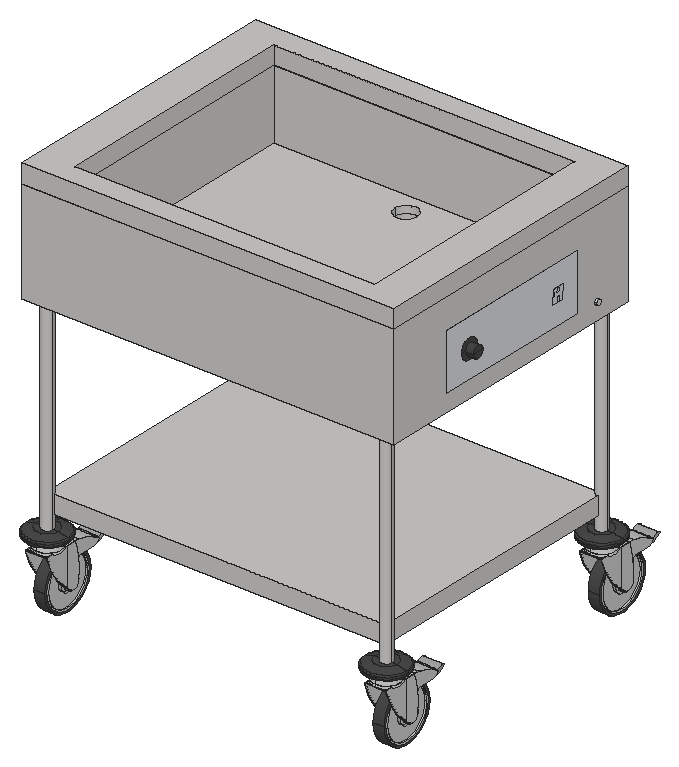
Revit family "QF_BOURGEAT_2GN_bain_marie mobile_sans_etuve_cuve_simple", category Equipement spécialisé, Revit 2015
Parameters (values of type "2GN_bain_marie_cuve_simple")
  URL catalogue = "http://www.bourgeat.fr"
  URL = ""
  Type de Raccord Electrique = ""
  Type article = ""
  Tension = 230 V
  Spécification du Fabricant = "bain-marie mobiles"
  Remarques Plomberie = ""
  Remarques Electricité = ""
  Puissance électrique  = 1300 W
  Profondeur hors tout = 690 mm
  Poids net à vide = 40.00 kg
  Phase = 2
  Nature isolant = "30mm laine de roche"
  Modèle = "872002"
  Longueur hors tout = 900 mm
  Intensité nominale = 6.09 A
  Indice de protection = "33"
  Hauteur hors tout = 900 mm
  Fréquence = 50 Hz
  Fabricant = "BOURGEAT"
  Diamètre de Raccordement Evacuation = 26.7 mm
  Contact SAV = "0033(0)4.76.32.14.44"
  Consommation_energetique = ""
  Charge max = 60.00 kg
Reference planes
  plane 1 "Centre (avant/arrière)": y = 0
  plane 2: z = 0
  plane 3 "Centre (gauche/droite)": x = 0
  plane 4: z = 856
  plane 5: z = 797.5
Forms (mm)
  Extrusion 1, solid
    sketch origin (0, 0, 0) x (0, 1, 0) y (0, 0, 1)
      loop
        circle (235.715, 672.2) r 5
    from 412 to 419.218
Dimensions and locks
  nested 1 to nested 2 = 900 mm
  nested 2 to nested 2 = 76 mm
  aligned and locked: level to plane 2
  aligned and locked: plane 3 "Centre (gauche/droite)" to nested 1
  aligned and locked: plane 1 "Centre (avant/arrière)" to nested 1
  aligned and locked: nested 2 to plane 4
  aligned and locked: nested 2 to nested 1
  aligned and locked: plane 1 "Centre (avant/arrière)" to nested 2
  aligned and locked: nested 3 to nested 1
  aligned and locked: plane 3 "Centre (gauche/droite)" to nested 3
  aligned and locked: plane 1 "Centre (avant/arrière)" to nested 3
  aligned and locked: nested 4 to nested 1
  aligned and locked: nested 4 to plane 5
  aligned and locked: nested 4 to plane 1 "Centre (avant/arrière)"
  aligned and locked: Extrusion 1 to nested 1
Nested families
  nested 1: "2GN_chariot_cuve_simple" at (0, 0, 0), type "2GN_chariot_cuve_simple"
  nested 2: "supports+barre_transport" at (412, 0, 816) x (0, -1, 0) z (0, 0, 1), type "supports+barre_transport", not visible
    with lg_barre_transport 566 mm, lg_barre 446 mm
  nested 3: "2GN_cuve_simple" at (0, 0, 862.5), type "2GN_cuve_simple"
  nested 4: "interface_2GN_cuve_simple" at (414, 0, 735.5) x (0, 1, 0) z (0, 0, 1), type "interface_2GN_cuve_simple"
Connectors
  electrical at (419.218, 235.715, 672.2), driven by "Tension"
    settings: on Extrusion 1, index 1, voltage 230 V, apparent load 0 VA, apparent load phase1 1300 VA, apparent load phase2 0 VA, apparent load phase3 0 VA, power factor 1, load classification "Autre", number of poles 1, system type 30, power factor state 1, is connector primary yes, connector utility no, sub classification motor no, connector description ""
  piping at (0, 226, 633), diameter 20
    settings: on nested 1, index 2, connector inside diameter 609.6 mm, connector length 0 mm, flow factor 0, pipe flow 0.0 L/s, pressure drop 0.0 Pa, fitting loss kfactor 0, connector angle 0.00°, fixture units 0, engagement length 0 mm, angle of deflection 0.00°, flow configuration 0, flow direction 2, fitting loss method 0, system type 19, joint type 0, gender type 0, connector reference index -1, connector utility 0, adjustable connector no, is connector primary yes, connector description ""
Definition of nested family "2GN_chariot_cuve_simple"
  Parameters (values of type "2GN_chariot")
    Profondeur_hors_tout = 648 mm
    Largeur_hors_tout = 824 mm
  Reference planes
    plane 1 "Centre (avant/arrière)": y = 0
    plane 2: z = 0
    plane 3 "Centre (gauche/droite)": x = 0
    plane 4: x = 375.5
    plane 5: x = -375.5
    plane 6: y = 298
    plane 7: y = -298
    plane 8: z = 182
    plane 9: z = 633
    plane 10: y = 324
    plane 11: y = -324
    plane 12: x = 412
    plane 13: x = -412
    plane 14: z = 862.5
    plane 15: z = 212
    plane 16: z = 252
    plane 17: x = -177.5
    plane 18: x = 177.5
    plane 19: y = 226
    plane 20: z = 692.5
  Forms (mm)
    Extrusion 1, solid
      sketch origin (0, 0, 0) x (1, 0, 0) y (0, 1, 0)
        loop
          circle (-375.5, 298) r 12.5
        loop
          circle (-375.5, -298) r 12.5
        loop
          circle (375.5, -298) r 12.5
        loop
          circle (375.5, 298) r 12.5
      from 182 to 633
    Extrusion 2, solid
      sketch origin (0, 0, 0) x (1, 0, 0) y (0, 1, 0)
        loop
          line (-412, 324) -> (-412, -324) -> (412, -324) -> (412, 324) -> (-412, 324)
      from 633 to 862.5
    Extrusion 3, void
      sketch origin (0, 0, 0) x (1, 0, 0) y (0, 1, 0)
        loop
          line (-375.5, 298) -> (-375.5, -298) -> (375.5, -298) -> (375.5, 298) -> (-375.5, 298)
      from 692.5 to 959.473
    Extrusion 4, solid
      sketch origin (0, 0, 0) x (1, 0, 0) y (0, 1, 0)
        loop
          arc (-375.5, -285.5) -> (-366.661, -289.161) -> (-363, -298) r 12.5
          line (-363, -298) -> (363, -298)
          arc (363, -298) -> (366.661, -289.161) -> (375.5, -285.5) r 12.5
          line (375.5, -285.5) -> (375.5, 285.5)
          arc (375.5, 285.5) -> (366.661, 289.161) -> (363, 298) r 12.5
          line (363, 298) -> (-363, 298)
          arc (-363, 298) -> (-366.661, 289.161) -> (-375.5, 285.5) r 12.5
          line (-375.5, 285.5) -> (-375.5, -285.5)
      from 212 to 252
    Extrusion 5, void
      sketch origin (0, 0, 0) x (1, 0, 0) y (0, 1, 0)
        loop
          circle (0, 226) r 25
      from 527.563 to 948.643
  Cuts and joins
    Extrusion 3 cuts Extrusion 1
    Extrusion 3, Extrusion 5 cuts Extrusion 2
    Extrusion 5 cuts Extrusion 4
  Dimensions and locks
    equal spacing: plane 5, plane 3 "Centre (gauche/droite)", plane 4
    locked: plane 5 to plane 4 at 751
    equal spacing: plane 6, plane 1 "Centre (avant/arrière)", plane 7
    locked: plane 6 to plane 7 at 596
    "Profondeur_hors_tout": plane 10 to plane 11
    equal spacing: plane 10, plane 1 "Centre (avant/arrière)", plane 11
    plane 10 to plane 19 = 98 mm
    plane 14 to plane 20 = 170 mm
    plane 13 to plane 17 = 234.5 mm
    locked: plane 17 to plane 18 at 355
    equal spacing: plane 13, plane 3 "Centre (gauche/droite)", plane 12
    "Largeur_hors_tout": plane 13 to plane 12
    aligned and locked: level to plane 2
    aligned and locked: plane 9 to Extrusion 1
    aligned and locked: Extrusion 1 to plane 8
    aligned and locked: Extrusion 2 sketch curve to plane 11
    aligned and locked: Extrusion 2 sketch curve to plane 12
    aligned and locked: Extrusion 2 sketch curve to plane 13
    aligned and locked: Extrusion 2 sketch curve to plane 10
    aligned and locked: plane 14 to Extrusion 2
    aligned and locked: Extrusion 2 to plane 9
    aligned and locked: nested 1 to Extrusion 3 sketch curve
    aligned and locked: Extrusion 3 sketch curve to plane 5
    aligned and locked: Extrusion 3 sketch curve to nested 3
    aligned and locked: Extrusion 3 sketch curve to plane 4
    aligned and locked: Extrusion 4 sketch curve to plane 6
    aligned and locked: Extrusion 4 sketch curve to plane 5
    aligned and locked: Extrusion 4 sketch curve to plane 7
    aligned and locked: Extrusion 4 sketch curve to plane 4
    aligned and locked: Extrusion 4 to plane 16
    aligned and locked: plane 15 to Extrusion 4
    aligned and locked: cut or joined group of Extrusion 2, Extrusion 3, Extrusion 5 to plane 20
    aligned and locked: plane 3 "Centre (gauche/droite)" to Extrusion 5 sketch curve
    aligned and locked: plane 19 to Extrusion 5 sketch curve
  Automatic sketch dimensions
    Extrusion 1 sketch curve to plane 5 = 0 mm  (x2)
    Extrusion 1 sketch curve to plane 4 = 0 mm  (x2)
    plane 7 to Extrusion 1 sketch curve = 0 mm  (x2)
    Extrusion 1 sketch curve to plane 6 = 0 mm  (x2)
    Extrusion 4 sketch curve to plane 5 = 12.5 mm
    Extrusion 4 sketch curve to plane 4 = 12.5 mm
    Extrusion 4 sketch curve to Extrusion 4 sketch curve = 12.5 mm  (x2)
    radius of Extrusion 1 sketch curve = 12.5 mm  (x4)
    radius of Extrusion 5 sketch curve = 25 mm
  Nested families
    nested 1: "ROULETTE" at (-375.5, 298, 0), type "ROULETTE"
      with Sans frein yes, Avec frein yes
    nested 2: "ROULETTE" at (375.5, 298, 0), type "ROULETTE"
      with Sans frein yes, Avec frein yes
    nested 3: "ROULETTE" at (375.5, -298, 0), type "ROULETTE"
      with Sans frein yes, Avec frein yes
    nested 4: "ROULETTE" at (-375.5, -298, 0), type "ROULETTE"
      with Sans frein yes, Avec frein yes
  Definition of nested family "ROULETTE"
    Parameters (values of type "ROULETTE")
      Sans frein [instance] = yes
      Avec frein [instance] = yes
    Reference planes
      plane 1 "Centre (avant/arrière)": y = 0
      plane 2: z = 0
      plane 3 "Centre (gauche/droite)": x = 0
      plane 4: y = 40.851
      plane 5: z = 62.5
    Forms (mm)
      Extrusion 1, solid
        sketch origin (0, 0, 0) x (0, 1, 0) y (0, 0, 1)
          loop
            circle (40.851, 62.5) r 62.5
          loop
            circle (40.851, 62.5) r 57.5
        from -12.5 to 12.5
      Revolve 2, solid
        sketch origin (0, 0, 30.333) x (1, 0, 0) y (0, 0, 1)
          loop
            line (0, 151.667) -> (-25, 151.667) -> (-45.338, 146.217)
            arc (-45.338, 146.217) -> (-46.897, 145.175) -> (-47.5, 143.4) r 2.917
            line (-47.5, 143.4) -> (-47.5, 138.833)
            arc (-47.5, 138.833) -> (-47.012, 137.655) -> (-45.833, 137.167) r 1.667
            line (-45.833, 137.167) -> (-24.607, 137.167) -> (-24, 132.667) -> (0, 132.667) -> (0, 151.667)
          axis (0, 151.667) -> (0, 132.667)
        angle from 0 to 360
      Revolve 3, solid
        sketch origin (0, 0, 0) x (0, 1, 0) y (0, 0, 1)
          loop
            line (0, 163) -> (-20.149, 163) -> (-20.149, 159.41) -> (-21.6, 159.41)
            arc (-21.6, 159.41) -> (-24.448, 158.65) -> (-26.537, 156.572) r 5.712
            line (-26.537, 156.572) -> (-30.146, 147.743) -> (-26.999, 147.062) -> (-26.999, 146.112)
            arc (-26.999, 146.112) -> (-27.23, 145.314) -> (-27.849, 144.761) r 1.5
            arc (-27.849, 144.761) -> (-29.223, 143.633) -> (-29.923, 142) r 3.75
            line (-29.923, 142) -> (0, 142) -> (0, 163)
          axis (0, 163) -> (0, 142)
        angle from 0 to 360
      Extrusion 4, solid
        sketch origin (0, 0, 0) x (0, 1, 0) y (0, 0, -1)
          loop
            line (-29.974, -138.241) -> (-29.974, -142) -> (21.747, -142) -> (21.747, -60.336)
            arc (21.747, -60.336) -> (10.272, -70.702) -> (-0.149, -82.127) r 160.057
            arc (-0.149, -82.127) -> (-17.883, -108.684) -> (-29.974, -138.241) r 159.585
        from -24.913 to -23.038
      Extrusion 5, solid
        sketch origin (0, 0, 0) x (0, 1, 0) y (0, 0, 1)
          loop
            line (-29.974, 142) -> (-29.974, 140.869) -> (21.747, 140.869) -> (21.747, 142) -> (-29.974, 142)
        from -23.038 to 23.038
      Extrusion 6, solid
        sketch origin (0, 0, 0) x (0, 1, 0) y (0, 0, 1)
          loop
            circle (40.851, 62.5) r 57.5
          loop
            circle (40.851, 62.5) r 55
        from -12.5 to 12.5
      Extrusion 7, solid
        sketch origin (0, 0, 0) x (0, 1, 0) y (0, 0, 1)
          loop
            circle (40.851, 62.5) r 55
        from -7 to 7
      Extrusion 8, solid
        sketch origin (0, 0, 0) x (0, 1, 0) y (0, 0, 1)
          loop
            circle (40.851, 62.5) r 21
        from 7 to 15
      Extrusion 9, solid
        sketch origin (0, 0, 0) x (0, 1, 0) y (0, 0, -1)
          loop
            circle (40.851, -62.5) r 16
        from -23.038 to -15
      Extrusion 10, solid, visible <- "Sans frein"
        sketch origin (0, 0, 0) x (0, 1, 0) y (0, 0, 1)
          loop
            arc (21.747, 60.336) -> (23.188, 59.17) -> (24.642, 58.02) r 161.23
            arc (24.642, 58.02) -> (29.34, 54.513) -> (34.187, 51.216) r 133.333
            arc (34.187, 51.216) -> (46.517, 50.3) -> (53.927, 60.198) r 12.867
            arc (53.927, 60.198) -> (54.714, 99.183) -> (46.119, 137.216) r 161.222
            arc (46.119, 137.216) -> (45.679, 138.887) -> (45.531, 140.609) r 10.076
            line (45.531, 140.609) -> (45.531, 142) -> (21.747, 142) -> (21.747, 60.336)
        from 23.038 to 24.913
      Extrusion 11, solid, visible <- "Sans frein"
        sketch origin (0, 0, 0) x (0, 1, 0) y (0, 0, 1)
          loop
            line (21.747, 142) -> (21.747, 140.701) -> (48.851, 140.701) -> (48.851, 142) -> (21.747, 142)
        from -23.038 to 23.038
      Extrusion 12, solid, visible <- "Avec frein"
        sketch origin (0, 0, 0) x (0, 1, 0) y (0, 0, 1)
          loop
            line (21.747, 142) -> (21.747, 60.336)
            arc (21.747, 60.336) -> (23.177, 59.179) -> (24.62, 58.038) r 160.008
            arc (24.62, 58.038) -> (29.041, 54.705) -> (33.574, 51.527) r 160
            arc (33.574, 51.527) -> (46.135, 50.422) -> (53.724, 60.491) r 13
            arc (53.724, 60.491) -> (55.279, 82.092) -> (53.902, 103.704) r 160
            arc (53.902, 103.704) -> (55.53, 108.653) -> (60.415, 110.463) r 6
            arc (60.415, 110.463) -> (80.625, 109.924) -> (100.725, 112.107) r 150
            arc (100.725, 112.107) -> (104.408, 113.406) -> (107.479, 115.819) r 12
            line (107.479, 115.819) -> (110.851, 121.523)
            arc (110.851, 121.523) -> (85.913, 134.651) -> (58.706, 142) r 127.902
            line (58.706, 142) -> (21.747, 142)
        from 23.038 to 24.913
      Extrusion 13, solid, visible <- "Avec frein"
        sketch origin (0, 0, 0) x (0, 1, 0) y (0, 0, 1)
          loop
            line (58.706, 142) -> (21.747, 142) -> (21.747, 140) -> (58.552, 140)
            arc (58.552, 140) -> (85.253, 132.762) -> (109.73, 119.866) r 125.902
            line (109.73, 119.866) -> (110.851, 121.523)
            arc (110.851, 121.523) -> (85.913, 134.651) -> (58.706, 142) r 127.902
        from -23.038 to 23.038
      Extrusion 14, solid, visible <- "Avec frein"
        sketch origin (0, 19.896, 18.175) x (0, 1, 0) y (0, 0, 1)
          loop
            line (87.583, 97.644) -> (91.829, 95.227)
            arc (91.829, 95.227) -> (93.8, 95.006) -> (95.312, 96.29) r 2.5
            arc (95.312, 96.29) -> (103.495, 100.002) -> (111.176, 104.666) r 74.999
            line (111.176, 104.666) -> (110.852, 105.929)
            arc (110.852, 105.929) -> (110.04, 107.086) -> (108.666, 107.417) r 2
            arc (108.666, 107.417) -> (101.396, 105.849) -> (94.512, 103.034) r 42.354
            line (94.512, 103.034) -> (93.479, 101.228) -> (93.285, 100.414) -> (91.69, 101.675) -> (90.401, 102.412) -> (87.583, 97.644)
        from -23.038 to 23.038
      Extrusion 15, solid, not visible
        sketch origin (0, 0, 0) x (0, 1, 0) y (0, 0, -1)
          loop
            line (-29.974, -138.241) -> (-29.974, -142) -> (21.747, -142) -> (21.747, -60.336)
            arc (21.747, -60.336) -> (10.272, -70.702) -> (-0.149, -82.127) r 160.057
            arc (-0.149, -82.127) -> (-17.883, -108.684) -> (-29.974, -138.241) r 159.585
        from -24.913 to -23.038
      Extrusion 16, solid, not visible
        sketch origin (0, 0, 0) x (0, 1, 0) y (0, 0, 1)
          loop
            circle (40.851, 62.5) r 21
        from 7 to 15
      Extrusion 17, solid, not visible
        sketch origin (0, 0, 0) x (0, 1, 0) y (0, 0, -1)
          loop
            circle (40.851, -62.5) r 16
        from -23.038 to -15
      Extrusion 18, solid, visible <- "Sans frein", not visible
        sketch origin (0, 0, 0) x (0, 1, 0) y (0, 0, 1)
          loop
            arc (21.747, 60.336) -> (23.188, 59.17) -> (24.642, 58.02) r 161.23
            arc (24.642, 58.02) -> (29.34, 54.513) -> (34.187, 51.216) r 133.333
            arc (34.187, 51.216) -> (46.517, 50.3) -> (53.927, 60.198) r 12.867
            arc (53.927, 60.198) -> (54.714, 99.183) -> (46.119, 137.216) r 161.222
            arc (46.119, 137.216) -> (45.679, 138.887) -> (45.531, 140.609) r 10.076
            line (45.531, 140.609) -> (45.531, 142) -> (21.747, 142) -> (21.747, 60.336)
        from 23.038 to 24.913
      Extrusion 19, solid, visible <- "Avec frein", not visible
        sketch origin (0, 0, 0) x (0, 1, 0) y (0, 0, 1)
          loop
            line (21.747, 142) -> (21.747, 60.336)
            arc (21.747, 60.336) -> (23.177, 59.179) -> (24.62, 58.038) r 160.008
            arc (24.62, 58.038) -> (29.041, 54.705) -> (33.574, 51.527) r 160
            arc (33.574, 51.527) -> (46.135, 50.422) -> (53.724, 60.491) r 13
            arc (53.724, 60.491) -> (55.279, 82.092) -> (53.902, 103.704) r 160
            arc (53.902, 103.704) -> (55.53, 108.653) -> (60.415, 110.463) r 6
            arc (60.415, 110.463) -> (80.625, 109.924) -> (100.725, 112.107) r 150
            arc (100.725, 112.107) -> (104.408, 113.406) -> (107.479, 115.819) r 12
            line (107.479, 115.819) -> (110.851, 121.523)
            arc (110.851, 121.523) -> (85.913, 134.651) -> (58.706, 142) r 127.902
            line (58.706, 142) -> (21.747, 142)
        from 23.038 to 24.913
      Extrusion 20, solid
        sketch origin (0, 0, 0) x (0, -1, 0) y (0, 0, -1)
          loop
            arc (29.974, -138.241) -> (17.883, -108.684) -> (0.149, -82.127) r 159.585
            arc (0.149, -82.127) -> (-10.272, -70.702) -> (-21.747, -60.336) r 160.057
            line (-21.747, -60.336) -> (-21.747, -142) -> (29.974, -142) -> (29.974, -138.241)
        from -24.913 to -23.038
      Extrusion 21, solid
        sketch origin (0, 0, 0) x (0, -1, 0) y (0, 0, 1)
          loop
            circle (-40.851, 62.5) r 21
        from 7 to 15
      Extrusion 22, solid
        sketch origin (0, 0, 0) x (0, -1, 0) y (0, 0, -1)
          loop
            circle (-40.851, -62.5) r 16
        from -23.038 to -15
      Extrusion 23, solid, visible <- "Sans frein"
        sketch origin (0, 0, 0) x (0, -1, 0) y (0, 0, 1)
          loop
            line (-21.747, 60.336) -> (-21.747, 142) -> (-45.531, 142) -> (-45.531, 140.609)
            arc (-45.531, 140.609) -> (-45.679, 138.887) -> (-46.119, 137.216) r 10.076
            arc (-46.119, 137.216) -> (-54.714, 99.183) -> (-53.927, 60.198) r 161.222
            arc (-53.927, 60.198) -> (-46.517, 50.3) -> (-34.187, 51.216) r 12.867
            arc (-34.187, 51.216) -> (-29.34, 54.513) -> (-24.642, 58.02) r 133.333
            arc (-24.642, 58.02) -> (-23.188, 59.17) -> (-21.747, 60.336) r 161.23
        from 23.038 to 24.913
      Extrusion 24, solid, visible <- "Avec frein"
        sketch origin (0, 0, 0) x (0, -1, 0) y (0, 0, 1)
          loop
            line (-21.747, 142) -> (-58.706, 142)
            arc (-58.706, 142) -> (-85.913, 134.651) -> (-110.851, 121.523) r 127.902
            line (-110.851, 121.523) -> (-107.479, 115.819)
            arc (-107.479, 115.819) -> (-104.408, 113.406) -> (-100.725, 112.107) r 12
            arc (-100.725, 112.107) -> (-80.625, 109.924) -> (-60.415, 110.463) r 150
            arc (-60.415, 110.463) -> (-55.53, 108.653) -> (-53.902, 103.704) r 6
            arc (-53.902, 103.704) -> (-55.279, 82.092) -> (-53.724, 60.491) r 160
            arc (-53.724, 60.491) -> (-46.135, 50.422) -> (-33.574, 51.527) r 13
            arc (-33.574, 51.527) -> (-29.041, 54.705) -> (-24.62, 58.038) r 160
            arc (-24.62, 58.038) -> (-23.177, 59.179) -> (-21.747, 60.336) r 160.008
            line (-21.747, 60.336) -> (-21.747, 142)
        from 23.038 to 24.913
    Dimensions and locks
      aligned and locked: level to plane 2
Definition of nested family "supports+barre_transport"
  Parameters (values of type "supports+barre_transport")
    lg_barre_transport = 635 mm
    lg_barre = lg_barre_transport - 120 mm  # 515 mm
  Reference planes
    plane 1 "Centre (avant/arrière)": y = 0
    plane 2: z = 0
    plane 3 "Centre (gauche/droite)": x = 0
    plane 4: x = -317.5
    plane 5: x = 317.5
    plane 6: y = 57.5
  Dimensions and locks
    "lg_barre_transport": plane 4 to plane 5
    equal spacing: plane 4, plane 3 "Centre (gauche/droite)", plane 5
    aligned and locked: level to plane 2
    aligned and locked: nested 1 to plane 4
    aligned and locked: plane 6 to nested 1
    aligned and locked: nested 3 to plane 6
    aligned and locked: nested 2 to plane 5
    aligned and locked: nested 3 to plane 3 "Centre (gauche/droite)"
    aligned and locked: nested 3 to nested 1
  Nested families
    nested 1: "support barre" at (-317.5, 0, 0), type "support barre"
    nested 2: "support barre" at (317.5, 0, 0) x (-1, 0, 0) z (0, 0, 1), type "support barre"
    nested 3: "barre" at (-257.5, 57.5, 20) x (0, 1, 0) z (0, 0, 1), type "barre"
  Definition of nested family "support barre"
    Reference planes
      plane 1 "Centre (avant/arrière)": y = 0
      plane 2: z = 0
      plane 3 "Centre (gauche/droite)": x = 0
      plane 4: y = 76
      plane 5: x = 78
      plane 6: y = 19
      plane 7: x = 60
      plane 8: through (0, 19, 1200) normal (-0.6887, 0.725, 0)
      plane 9: x = 40
      plane 10: z = 40
      plane 11: y = 57.5
      plane 12: z = 20
    Forms (mm)
      Extrusion 1, solid
        sketch origin (0, 0, 0) x (1, 0, 0) y (0, 1, 0)
          loop
            line (0, 0) -> (40, 0) -> (40, 19) -> (60, 39) -> (78, 39) -> (78, 76) -> (60, 76) -> (0, 19) -> (0, 0)
        from 0 to 40
      Extrusion 2, void
        sketch origin (0, 0, 0) x (0, 1, 0) y (0, 0, 1)
          loop
            circle (57.5, 20) r 15
        from 60 to 250
    Cuts and joins
      Extrusion 2 cuts Extrusion 1
    Dimensions and locks
      plane 1 "Centre (avant/arrière)" to plane 4 = 76 mm
      plane 3 "Centre (gauche/droite)" to plane 5 = 78 mm
      aligned and locked: level to plane 2
      aligned and locked: plane 10 to Extrusion 1
      aligned and locked: plane 12 to Extrusion 2 sketch curve
      aligned and locked: Extrusion 2 to plane 7
  Definition of nested family "barre"
    Parameters (values of type "barre")
      lg_barre = 515 mm
    Reference planes
      plane 1 "Centre (avant/arrière)": y = 0
      plane 2: z = 0
      plane 3 "Centre (gauche/droite)": x = 0
      plane 4: y = -515
      plane 5: y = -257.5
    Forms (mm)
      Extrusion 1, solid
        sketch origin (0, 0, 0) x (1, 0, 0) y (0, 0, 1)
          loop
            circle (0, 0) r 15
        from 0 to 515
    Dimensions and locks
      "lg_barre": plane 4 to plane 1 "Centre (avant/arrière)"
      equal spacing: plane 4, plane 5, plane 1 "Centre (avant/arrière)"
      aligned and locked: level to plane 2
      aligned and locked: Extrusion 1 to plane 4
    Automatic sketch dimensions
      Extrusion 1 sketch curve to level = 0 mm
      Extrusion 1 sketch curve to plane 3 "Centre (gauche/droite)" = 0 mm
      radius of Extrusion 1 sketch curve = 15 mm
Definition of nested family "2GN_cuve_simple"
  Parameters (values of type "2GN_cuve_simple")
    Profondeur_hors_tout = 648 mm
    Largeur_hors_tout = 824 mm
  Reference planes
    plane 1 "Centre (avant/arrière)": y = 0
    plane 2: z = 0
    plane 3 "Centre (gauche/droite)": x = 0
    plane 4: x = 412
    plane 5: x = -412
    plane 6: y = 324
    plane 7: y = -324
    plane 8: x = -332.5
    plane 9: x = 332.5
    plane 10: y = 276
    plane 11: y = -276
    plane 12: x = -177.5
    plane 13: x = 177.5
    plane 14: z = 40
    plane 15: z = -170
    plane 16: y = 226
    plane 17: y = -287.77
    plane 18: x = 341.5
  Forms (mm)
    Extrusion 1, solid
      sketch origin (0, 0, 0) x (1, 0, 0) y (0, 1, 0)
        loop
          line (-412, 324) -> (-412, -324) -> (412, -324) -> (412, 324) -> (-412, 324)
        loop
          line (-332.5, 276) -> (-332.5, -276) -> (332.5, -276) -> (332.5, 276) -> (-332.5, 276)
      from 0 to 40
    Extrusion 2, solid
      sketch origin (0, 0, 0) x (1, 0, 0) y (0, 1, 0)
        loop
          line (-341.373, -287.77) -> (341.5, -287.77) -> (341.5, 287.105) -> (-341.373, 287.105) -> (-341.373, -287.77)
      from 0 to -170
    Extrusion 3, void
      sketch origin (0, 0, 0) x (1, 0, 0) y (0, 1, 0)
        loop
          line (-332.5, 276) -> (-332.5, -276) -> (332.5, -276) -> (332.5, 276) -> (-332.5, 276)
      from 76.929 to -155.016
    Extrusion 4, void
      sketch origin (0, 0, 0) x (1, 0, 0) y (0, 1, 0)
        loop
          circle (0, 226) r 25
      from -346.977 to 250
  Cuts and joins
    Extrusion 3 cuts Extrusion 1
    Extrusion 3, Extrusion 4 cuts Extrusion 2
  Dimensions and locks
    "Profondeur_hors_tout": plane 6 to plane 7
    "Largeur_hors_tout": plane 5 to plane 4
    Extrusion 2 sketch curve to plane 11 = 11.77 mm
    cut or joined group of Extrusion 2, Extrusion 3, Extrusion 4 to plane 8 = 8.873 mm
    locked: plane 9 to plane 18 at 9
    equal spacing: plane 6, plane 1 "Centre (avant/arrière)", plane 7
    equal spacing: plane 5, plane 3 "Centre (gauche/droite)", plane 4
    aligned and locked: level to plane 2
    aligned and locked: plane 14 to Extrusion 1
    aligned and locked: Extrusion 1 sketch curve to plane 10
    aligned and locked: plane 8 to Extrusion 1 sketch curve
    aligned and locked: Extrusion 1 sketch curve to plane 11
    aligned and locked: Extrusion 1 sketch curve to plane 9
    aligned and locked: Extrusion 2 to plane 15
    aligned and locked: plane 2 to Extrusion 2
    aligned and locked: Extrusion 3 sketch curve to plane 10
    aligned and locked: plane 8 to Extrusion 3 sketch curve
    aligned and locked: Extrusion 1 to Extrusion 3 sketch curve
    aligned and locked: plane 9 to Extrusion 3 sketch curve
    aligned and locked: plane 17 to cut or joined group of Extrusion 2, Extrusion 3, Extrusion 4
    aligned and locked: plane 3 "Centre (gauche/droite)" to Extrusion 4 sketch curve
    aligned and locked: plane 16 to Extrusion 4 sketch curve
    aligned and locked: plane 18 to cut or joined group of Extrusion 2, Extrusion 3, Extrusion 4
  Automatic sketch dimensions
    Extrusion 2 sketch curve to plane 8 = 8.873 mm
    Extrusion 2 sketch curve to plane 9 = 9 mm
    plane 10 to Extrusion 2 sketch curve = 11.105 mm
    Extrusion 1 sketch curve to plane 5 = 0 mm
    Extrusion 1 sketch curve to plane 4 = 0 mm
    plane 7 to Extrusion 1 sketch curve = 0 mm
    Extrusion 1 sketch curve to plane 6 = 0 mm
    plane 11 to Extrusion 3 sketch curve = 0 mm
    radius of Extrusion 4 sketch curve = 25 mm
Definition of nested family "interface_2GN_cuve_simple"
  Reference planes
    plane 1 "Centre (avant/arrière)": y = 0
    plane 2: z = 0
    plane 3 "Centre (gauche/droite)": x = 0
    plane 4: x = 180
    plane 5: x = -180
    plane 6: z = 62
    plane 7: z = -62
    plane 8: x = -119
    plane 9: x = -33
    plane 10: x = 138
    plane 11: x = 113
    plane 12: z = 15.5
    plane 13: z = -15.5
    plane 14: y = 2
  Forms (mm)
    Extrusion 1, solid
      sketch origin (0, 0, 0) x (1, 0, 0) y (0, 0, 1)
        loop
          line (-180, 62) -> (-180, -62) -> (180, -62) -> (180, 62) -> (-180, 62)
      from 0 to -2
  Dimensions and locks
    plane 14 to plane 1 "Centre (avant/arrière)" = 2 mm
    aligned and locked: level to plane 2
    aligned and locked: Extrusion 1 sketch curve to plane 6
    aligned and locked: Extrusion 1 sketch curve to plane 5
    aligned and locked: Extrusion 1 sketch curve to plane 7
    aligned and locked: Extrusion 1 sketch curve to plane 4
    aligned and locked: Extrusion 1 to plane 14
    aligned and locked: nested 1 to plane 1 "Centre (avant/arrière)"
    aligned and locked: nested 1 to plane 10
    aligned and locked: plane 12 to nested 1
    aligned and locked: nested 2 to Extrusion 1
  Nested families
    nested 1: "switch" at (125.5, 0, -15.5) x (-1, 0, 0) z (0, 0, 1), type "switch"
    nested 2: "bouton_rond" at (-119, 0, 0) x (-1, 0, 0) z (0, 0, 1), type "bouton_rond"
  Definition of nested family "switch"
    Reference planes
      plane 1 "Centre (avant/arrière)": y = 0
      plane 2: z = 0
      plane 3 "Centre (gauche/droite)": x = 0
      plane 4: y = 5
      plane 5: y = 1
      plane 6: z = 31
      plane 7: x = 12.5
      plane 8: x = -12.5
      plane 9: z = 25.177
    Forms (mm)
      Extrusion 1, solid
        sketch origin (0, 0, 0) x (0, 1, 0) y (0, 0, 1)
          loop
            line (0, 0) -> (1, 0) -> (2.152, 31) -> (0, 31) -> (0, 0)
        from -12.5 to 12.5
      Extrusion 2, solid
        sketch origin (0, 0, 4.291) x (1, 0, 0) y (0, 0, 1)
          loop
            circle (0, 20.886) r 3.186
          loop
            line (1.701, -1.363) -> (1.701, 7.758) -> (-1.378, 7.758) -> (-1.378, -1.363) -> (1.701, -1.363)
        from 0 to -2.244
    Dimensions and locks
      plane 6 to plane 2 = 31 mm
      aligned and locked: level to plane 2
      aligned and locked: plane 5 to Extrusion 1 sketch curve
      aligned and locked: plane 6 to Extrusion 1
      aligned and locked: plane 8 to Extrusion 1
      aligned and locked: plane 7 to Extrusion 1
      aligned and locked: plane 3 "Centre (gauche/droite)" to Extrusion 2 sketch curve
      aligned and locked: plane 9 to Extrusion 2
  Definition of nested family "bouton_rond"
    Reference planes
      plane 1 "Centre (avant/arrière)": y = 0
      plane 2: z = 0
      plane 3 "Centre (gauche/droite)": x = 0
      plane 4: y = 2
      plane 5: y = 21
      plane 6: x = -21.5
      plane 7: x = -12.5
    Forms (mm)
      Revolve 1, solid
        sketch origin (0, 0, 0) x (1, 0, 0) y (0, 1, 0)
          loop
            line (0, 0) -> (0, 21) -> (-12.5, 21) -> (-12.5, 2) -> (-21.5, 2) -> (-21.5, 0) -> (0, 0)
          axis (0, 21) -> (0, 0)
        angle from 0 to 360
    Dimensions and locks
      aligned and locked: level to plane 2
